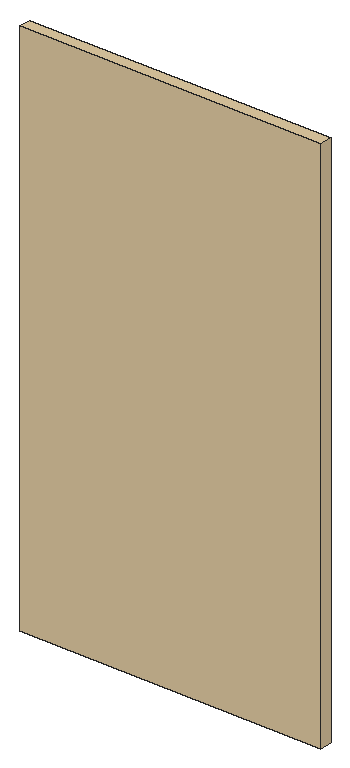
Revit family
Parameters (values of type "750x1500 mm")
  Shutter Height = 1500 mm
  Shutter = Wood
  Height = 1900 mm
  Wall Closure = (empty or 0)
  Width = 750 mm
  Bottom Gap = 150 mm
Types (4, lengths in mm): name | Width
  (no name) | 750
  750x1500 mm | 750
  600x1500 mm | 600
  650x1500 mm | 650
Reference planes
  plane 1: y = 0
  plane 2 "Center (Left/Right)": x = 0
  plane 3 "Left": x = -375
  plane 4 "Right": x = 375
  plane 5: z = 1900
  plane 6 "Exterior": y = 25
  plane 7 "Interior": y = -25
  plane 8: z = 1500
  plane 9: z = 150
Forms (mm)
  Extrusion 1, solid, material "Wood" <- "Shutter"
    sketch origin (0, 0, 0) x (1, 0, 0) y (0, 0, 1)
      loop
        line (-375, 1500) -> (-375, 150) -> (375, 150) -> (375, 1500) -> (-375, 1500)
    from -15 to 15
Lines and regions (mm)
  Opening 1
    outline origin (-3040, -25, 0) x (1, 0, 0) y (0, 0, 1)
      loop
        line (2665, 0) -> (3415, 0) -> (3415, 1900) -> (2665, 1900) -> (2665, 0)
  symbolic lines, style "DoorsPanelProjection"
    curve 1: line (375, 15, 0) -> (375, -15, 0)
    curve 2: line (375, 25, 0) -> (375, 775, 0)
  symbolic lines, style "DoorsPanelProjection", detail levels medium+fine
    curve 3: line (375, 775, 0) -> (340, 775, 0)
    curve 4: line (340, 775, 0) -> (340, 25, 0)
    curve 5: line (340, 25, 0) -> (375, 25, 0)
  symbolic lines, style "Plan Swing"
    curve 6: arc (375, 775, 0) -> (-155.33, 555.33, 0) -> (-375, 25, 0) r 750
  symbolic lines, style "Elevation Swing Coarse", detail levels coarse
    curve 7: line (375, 0, 825) -> (-375, 0, 1500)
    curve 8: line (375, 0, 825) -> (-375, 0, 150)
  symbolic lines, style "Elevation Swing Medium", detail levels medium
    curve 9: line (375, 0, 825) -> (-375, 0, 1500)
    curve 10: line (375, 0, 825) -> (-375, 0, 150)
  symbolic lines, style "Elevation Swing Fine", detail levels fine
    curve 11: line (375, 0, 825) -> (-375, 0, 1500)
    curve 12: line (375, 0, 825) -> (-375, 0, 150)
Text (mm)
  text "Exterior" at (-2295.016, 1099.543, 0), in view "Ref. Level"
  text "Exterior" at (0, 1615.38, 3698.081), in view "Left"
  text "Exterior" at (0, 1036.032, 3874.932), in view "Right"
Dimensions and locks
  equal spacing: plane 3 "Left", plane 2 "Center (Left/Right)", plane 4 "Right"
  "Width": plane 3 "Left" to plane 4 "Right"
  "Height": plane 5 to host wall
  host wall to plane 5 = 1900 mm  (x2)
  locked: plane 6 "Exterior" to host wall at 0
  locked: plane 7 "Interior" to host wall
  "Bottom Gap": plane 9 to level
  "Shutter Height": plane 8 to level
  equal spacing: plane 8, curve 8, plane 9
  aligned and locked: plane 3 "Left" to Opening 1 sketch curve
  aligned and locked: plane 5 to Opening 1 sketch curve  (x2)
  aligned and locked: Opening 1 sketch curve to plane 4 "Right"
  aligned and locked: Opening 1 sketch curve to level
  aligned and locked: plane 1 to host wall
  aligned and locked: plane 8 to Extrusion 1 sketch curve
  aligned and locked: plane 9 to Extrusion 1 sketch curve
  aligned and locked: plane 4 "Right" to Extrusion 1 sketch curve
  aligned and locked: Extrusion 1 to host wall  (x2)
  aligned and locked: Extrusion 1 to curve 1
  aligned and locked: curve 1 to Extrusion 1
  aligned and locked: host wall to curve 2
  aligned and locked: curve 2 to host wall
  aligned and locked: host wall to curve 4
  aligned and locked: Extrusion 1 to curve 7
  aligned and locked: curve 7 to Extrusion 1
  aligned and locked: Extrusion 1 to curve 8
  aligned and locked: plane 3 "Left" to curve 6
Automatic sketch dimensions
  Extrusion 1 sketch curve to plane 3 "Left" = 0 mm
  curve 6 to host wall = 0 mm
  plane 4 "Right" to curve 5 = 35 mm
  curve 1 to curve 2 = 10 mm
  curve 7 to plane 8 = 0 mm
  curve 9 to plane 3 "Left" = 0 mm
  curve 9 to plane 8 = 0 mm
  curve 11 to plane 3 "Left" = 0 mm
  curve 11 to plane 8 = 0 mm
  curve 8 to plane 9 = 0 mm
  curve 12 to plane 3 "Left" = 0 mm
  curve 12 to plane 9 = 0 mm
  curve 10 to plane 3 "Left" = 0 mm
  curve 10 to plane 9 = 0 mm
